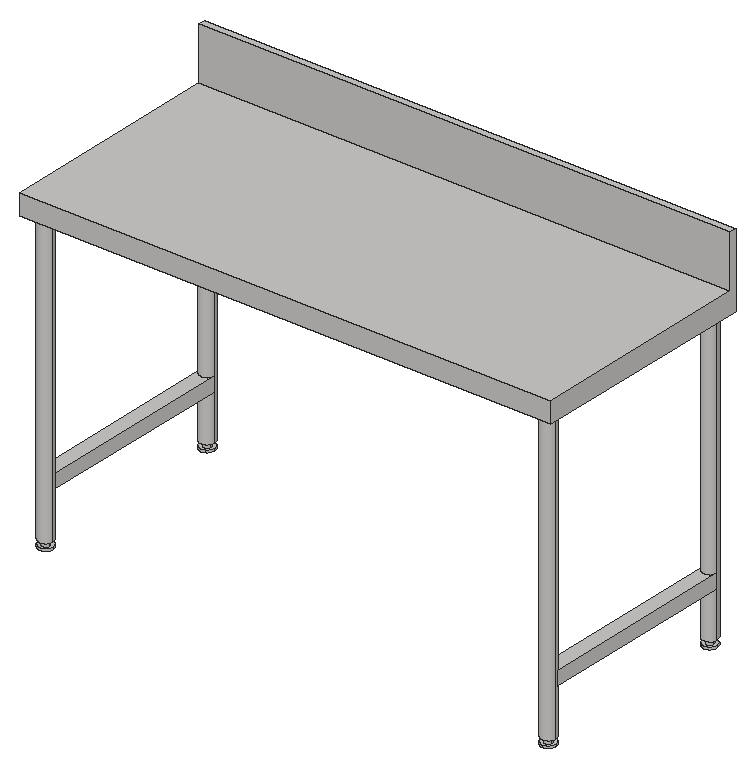
Revit family
Parameters (values of type "1500 X 650")
  URL = "http://www.autospec.co.za/browse.php?id=1644179283"
  Product Code = "None"
  OmniClass Title = ""
  OmniClass Number = ""
  Modspec Classification = ""
  Specification = ""
  Material = Stainless Steel Grade 304
  Location (revit room) = ""
  Description = ""
  Default Elevation = 0 mm
  Colour = none
  Body Finish = none
  Splashback Height = 150 mm
  Width = 650 mm
  Model = "Wall Benches Series W-1500 X 650"
  Manufacturer = "Kwikot"  # constant formula
  Length = 1500 mm
  Height = 1050 mm
  Assembly Code = "E1090300"
Reference planes
  plane 1 "Center (Front/Back)": y = 0
  plane 2 "Bottom": z = 0
  plane 3 "Center (Left/Right)": x = 0
  plane 4 "Left": x = -750
  plane 5 "Right": x = 750
  plane 6 "Front": y = -650
  plane 7 "Top": z = 1050
  plane 8: z = 900
  plane 9: z = 840
Forms (mm)
  Extrusion 1, solid, material "Stainless Steel Grade 304" <- "Material"
    sketch origin (-750, -491, 4000) x (0, -1, 0) y (0, 0, 1)
      loop
        line (-491, -3160) -> (159, -3160) -> (159, -3100) -> (-471, -3100) -> (-471, -2950) -> (-491, -2950) -> (-491, -3160)
    from 0 to -1500
  Extrusion 2, solid, material "Stainless Steel Grade 304" <- "Material"
    sketch origin (0, 0, 0) x (1, 0, 0) y (0, 1, 0)
      loop
        circle (-710, -610) r 21
      loop
        circle (-710, -40) r 21
      loop
        circle (710, -610) r 21
      loop
        circle (710, -40) r 21
    from 0 to 5
  Extrusion 3, solid, material "Stainless Steel Grade 304" <- "Material"
    sketch origin (0, 0, 0) x (1, 0, 0) y (0, 1, 0)
      loop
        circle (-710, -40) r 10
      loop
        circle (-710, -610) r 10
      loop
        circle (710, -610) r 10
      loop
        circle (710, -40) r 10
    from 5 to 20
  Extrusion 4, solid, material "Stainless Steel Grade 304" <- "Material"
    sketch origin (-779.234, -1524, 840) x (-1, 0, 0) y (0, -1, 0)
      loop
        circle (-69.234, -1484) r 21
      loop
        circle (-1489.234, -1484) r 21
      loop
        circle (-1489.234, -914) r 21
      loop
        circle (-69.234, -914) r 21
    from 0 to -820
  Extrusion 5, solid, material "Stainless Steel Grade 304" <- "Material"
    sketch origin (0, 0, 0) x (1, 0, 0) y (0, 1, 0)
      loop
        line (-731, -40) -> (-731, -610)
        arc (-731, -610) -> (-710, -589) -> (-689, -610) r 21
        line (-689, -610) -> (-689, -40)
        arc (-689, -40) -> (-710, -61) -> (-731, -40) r 21
      loop
        line (689, -40) -> (689, -610)
        arc (689, -610) -> (710, -589) -> (731, -610) r 21
        line (731, -610) -> (731, -40)
        arc (731, -40) -> (710, -61) -> (689, -40) r 21
    from 150 to 190
Lines and regions (mm)
  symbolic lines
    curve 1: line (-750, 0, 750) -> (-750, -650, 750)
    curve 2: line (750, 0, 750) -> (-750, 0, 750)
    curve 3: line (750, -650, 750) -> (750, 0, 750)
    curve 4: line (-750, -650, 750) -> (750, -650, 750)
    curve 5: line (-750, -20, 750) -> (750, -20, 750)
Dimensions and locks
  equal spacing: plane 4 "Left", plane 3 "Center (Left/Right)", plane 5 "Right"
  "Length": plane 4 "Left" to plane 5 "Right"
  "Width": plane 1 "Center (Front/Back)" to plane 6 "Front"
  "Height": plane 7 "Top" to level
  "Splashback Height": plane 7 "Top" to plane 8
  plane 8 to plane 9 = 60 mm
  plane 4 "Left" to Extrusion 2 sketch curve = 40 mm  (x2)
  Extrusion 2 sketch curve to plane 6 "Front" = 40 mm  (x2)
  Extrusion 2 sketch curve to plane 1 "Center (Front/Back)" = 40 mm  (x2)
  Extrusion 2 sketch curve to plane 5 "Right" = 40 mm  (x2)
  Extrusion 5 to plane 2 "Bottom" = 150 mm
  radius of Extrusion 2 sketch curve = 21 mm  (x4)
  aligned and locked: level to plane 2 "Bottom"
  aligned and locked: Extrusion 1 sketch curve to plane 9
  aligned and locked: Extrusion 1 sketch curve to plane 1 "Center (Front/Back)"
  aligned and locked: plane 8 to Extrusion 1 sketch curve
  aligned and locked: Extrusion 1 sketch curve to plane 6 "Front"
  aligned and locked: plane 7 "Top" to Extrusion 1 sketch curve
  aligned and locked: plane 4 "Left" to Extrusion 1
  aligned and locked: Extrusion 1 to plane 5 "Right"
  aligned and locked: Extrusion 4 sketch curve to Extrusion 2  (x8)
  aligned and locked: Extrusion 4 to Extrusion 3
  aligned and locked: Extrusion 5 sketch curve to Extrusion 4  (x4)
Automatic sketch dimensions
  plane 1 "Center (Front/Back)" to Extrusion 1 sketch curve = 20 mm
  plane 1 "Center (Front/Back)" to curve 2 = 0 mm
  curve 2 to plane 5 "Right" = 0 mm
  curve 1 to plane 4 "Left" = 0 mm
  curve 1 to plane 6 "Front" = 0 mm
  curve 1 to curve 5 = 20 mm
  Extrusion 3 sketch curve to plane 4 "Left" = 30 mm  (x2)
  Extrusion 3 sketch curve to Extrusion 3 sketch curve = 10 mm  (x4)
  plane 5 "Right" to Extrusion 3 sketch curve = 50 mm  (x2)
  plane 6 "Front" to Extrusion 3 sketch curve = 40 mm  (x2)
  plane 1 "Center (Front/Back)" to Extrusion 3 sketch curve = 40 mm  (x2)
  Extrusion 5 sketch curve to Extrusion 5 sketch curve = 0 mm
